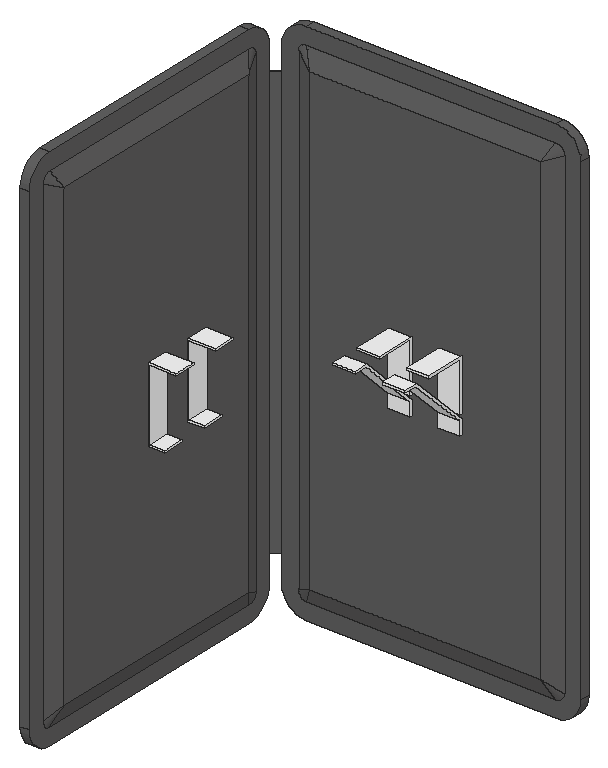
Revit family "Screen-Mounted-Teknion-JNSECF-Felt_Corner_Elevated-R2015", category Furniture, Revit 2015
Parameters (values of type "Worksurface-Mounted")
  Width [instance] = 18.000"
  Warranty = "http://www.teknion.com/ca/papers/legal-canada"
  Unit Weight URL = "http://www.teknion.com/ca/tools/assets#&asset=bee6a381-b954-425e-8283-5a2de3a804f2,f828d448-4b62-4231-9e5f-9a8991c0ed77"
  URL = "www.teknion.com"
  Sustainability Data = "http://www.teknion.com/ca/tools/assets#&topic=216f99a5-57a0-44fc-b10a-9dee9b29ae4c&asset=444deb64-fe58-4b68-981e-f75e97781df7"
  Series = "Expansion Cityline"  # constant formula
  Product Page URL = "http://www.teknion.com/ca/products/product-details?productlineid=9ad2a26e-8e7a-673b-a6c8-ff05004460c4"
  Product Line = "Expansion Cityline"  # constant formula
  Product Documentation Link = "http://www.teknion.com/pricing/expansion-cityline/pdfs/JNSECF_ppg.pdf"
  Part Number = "JNSECF"  # constant formula
  Note [instance] = "Available Widths are 18, 24, and 30 inches. Available Depths are 18, 24, and 30 inches. Available Heights are 42, 51, 57 inches."  # constant formula
  Model = "JNSECFW"  # constant formula
  Manufacturer Phone = "416-661-3370"  # constant formula
  Manufacturer Fax = "416.661.4586"  # constant formula
  Manufacturer Contact Information = "http://www.teknion.com/ca/contactus"
  Manufacturer Address = "1150 Flint Road, Toronto, ON. M3J 2J5. Canada"  # constant formula
  Manufacturer = "Teknion"  # constant formula
  Height [instance] = 42.000"
  Felt Finish [instance] = Fabric-Teknion-RB11-Carbon
  Description = "Felt Corner Elevated Screen"  # constant formula
  Depth [instance] = Width  # 18.000"
  Assembly Code = "E2020200"
Reference planes (in)
  plane 1 "Center Front/Back": y = -9
  plane 2: z = 0
  plane 3 "Center Left/Right": x = -42
  plane 4 "Left": x = -51
  plane 5 "Right": x = -33
  plane 6 "Back": y = 0
  plane 7 "Front": y = -18
  plane 8 "Top": z = 42
  plane 9: y = 0.42717
  plane 10: y = 0.97835
  plane 11: x = -51.97835
  plane 12: x = -51.42717
  plane 13: z = 13
  plane 14: z = 39
  plane 15: x = -39.83071
  plane 16: x = -41.16929
  plane 17: x = -42.83071
  plane 18: x = -44.16929
  plane 19: y = -5.33071
  plane 20: y = -8.33071
  plane 21: y = -9.66929
  plane 22: y = -6.66929
Forms (in)
  Extrusion 1, solid, material "Fabric-Teknion-RB11-Carbon" <- "Felt Finish"
    sketch origin (0, -9, 0) x (1, 0, 0) y (0, 0, 1)
      loop
        line (-34.5, 42) -> (-49.5, 42)
        arc (-49.5, 42) -> (-50.56066, 41.56066) -> (-51, 40.5) r 1.5
        line (-51, 40.5) -> (-51, 11.5)
        arc (-51, 11.5) -> (-50.56066, 10.43934) -> (-49.5, 10) r 1.5
        line (-49.5, 10) -> (-34.5, 10)
        arc (-34.5, 10) -> (-33.43934, 10.43934) -> (-33, 11.5) r 1.5
        line (-33, 11.5) -> (-33, 40.5)
        arc (-33, 40.5) -> (-33.43934, 41.56066) -> (-34.5, 42) r 1.5
    from -9.97835 to -9.42717
  Extrusion 2, solid, material "Fabric-Teknion-RB11-Carbon" <- "Felt Finish"
    sketch origin (-42, 0, 0) x (0, 1, 0) y (0, 0, 1)
      loop
        arc (-16.5, 42) -> (-17.56066, 41.56066) -> (-18, 40.5) r 1.5
        line (-18, 40.5) -> (-18, 11.5)
        arc (-18, 11.5) -> (-17.56066, 10.43934) -> (-16.5, 10) r 1.5
        line (-16.5, 10) -> (-1.5, 10)
        arc (-1.5, 10) -> (-0.43934, 10.43934) -> (0, 11.5) r 1.5
        line (0, 11.5) -> (0, 40.5)
        arc (0, 40.5) -> (-0.43934, 41.56066) -> (-1.5, 42) r 1.5
        line (-1.5, 42) -> (-16.5, 42)
    from -9.97835 to -9.42717
  Blend 3, solid, material "Fabric-Teknion-RB11-Carbon" <- "Felt Finish"
    base sketch origin (0, 0, 0) x (-1, 0, 0) y (0, 0, 1)
      loop
        line (49.49996, 41) -> (34.50004, 41)
        arc (34.50004, 41) -> (34.14646, 40.85354) -> (34, 40.49996) r 0.50004
        line (34, 40.49996) -> (34, 11.50004)
        arc (34, 11.50004) -> (34.14646, 11.14646) -> (34.50004, 11) r 0.50004
        line (34.50004, 11) -> (49.49996, 11)
        arc (49.49996, 11) -> (49.85354, 11.14646) -> (50, 11.50004) r 0.50004
        line (50, 11.50004) -> (50, 40.49996)
        arc (50, 40.49996) -> (49.85354, 40.85354) -> (49.49996, 41) r 0.50004
    top sketch origin (0, 0, 0) x (-1, 0, 0) y (0, 0, 1)
      loop
        line (35.04834, 39.95166) -> (35.04834, 12.04834) -> (48.95166, 12.04834) -> (48.95166, 39.95166) -> (35.04834, 39.95166)
    from 0.97835 to 1.40551
  Blend 4, solid, material "Fabric-Teknion-RB11-Carbon" <- "Felt Finish"
    base sketch origin (0, 1.40551, 0) x (-1, 0, 0) y (0, 0, -1)
      loop
        arc (49.49996, -41) -> (49.85354, -40.85354) -> (50, -40.49996) r 0.50004
        line (50, -40.49996) -> (50, -11.50004)
        arc (50, -11.50004) -> (49.85354, -11.14646) -> (49.49996, -11) r 0.50004
        line (49.49996, -11) -> (34.50004, -11)
        arc (34.50004, -11) -> (34.14646, -11.14646) -> (34, -11.50004) r 0.50004
        line (34, -11.50004) -> (34, -40.49996)
        arc (34, -40.49996) -> (34.14646, -40.85354) -> (34.50004, -41) r 0.50004
        line (34.50004, -41) -> (49.49996, -41)
    top sketch origin (0, 1.40551, 0) x (-1, 0, 0) y (0, 0, -1)
      loop
        line (35.04834, -39.95166) -> (48.95166, -39.95166) -> (48.95166, -12.04834) -> (35.04834, -12.04834) -> (35.04834, -39.95166)
    from 0.97835 to 1.40551
  Blend 5, solid, material "Fabric-Teknion-RB11-Carbon" <- "Felt Finish"
    base sketch origin (-52.40551, -51, 0) x (0, 1, 0) y (0, 0, 1)
      loop
        line (49.49996, 41) -> (34.50004, 41)
        arc (34.50004, 41) -> (34.14646, 40.85354) -> (34, 40.49996) r 0.50004
        line (34, 40.49996) -> (34, 11.50004)
        arc (34, 11.50004) -> (34.14646, 11.14646) -> (34.50004, 11) r 0.50004
        line (34.50004, 11) -> (49.49996, 11)
        arc (49.49996, 11) -> (49.85354, 11.14646) -> (50, 11.50004) r 0.50004
        line (50, 11.50004) -> (50, 40.49996)
        arc (50, 40.49996) -> (49.85354, 40.85354) -> (49.49996, 41) r 0.50004
    top sketch origin (-52.40551, -51, 0) x (0, 1, 0) y (0, 0, 1)
      loop
        line (35.04834, 39.95166) -> (35.04834, 12.04834) -> (48.95166, 12.04834) -> (48.95166, 39.95166) -> (35.04834, 39.95166)
    from 0.97835 to 1.40551
  Blend 6, solid, material "Fabric-Teknion-RB11-Carbon" <- "Felt Finish"
    base sketch origin (-51, -51, 0) x (0, 1, 0) y (0, 0, -1)
      loop
        arc (49.49996, -41) -> (49.85354, -40.85354) -> (50, -40.49996) r 0.50004
        line (50, -40.49996) -> (50, -11.50004)
        arc (50, -11.50004) -> (49.85354, -11.14646) -> (49.49996, -11) r 0.50004
        line (49.49996, -11) -> (34.50004, -11)
        arc (34.50004, -11) -> (34.14646, -11.14646) -> (34, -11.50004) r 0.50004
        line (34, -11.50004) -> (34, -40.49996)
        arc (34, -40.49996) -> (34.14646, -40.85354) -> (34.50004, -41) r 0.50004
        line (34.50004, -41) -> (49.49996, -41)
    top sketch origin (-51, -51, 0) x (0, 1, 0) y (0, 0, -1)
      loop
        line (35.04834, -39.95166) -> (48.95166, -39.95166) -> (48.95166, -12.04834) -> (35.04834, -12.04834) -> (35.04834, -39.95166)
    from 0.97835 to 1.40551
  Extrusion 7, solid, material "Fabric-Teknion-RB11-Carbon" <- "Felt Finish"
    sketch origin (0, 0, 0) x (1, 0, 0) y (0, 1, 0)
      loop
        line (-51, 0.67492) -> (-51, 0.73059) -> (-51.73059, 0) -> (-51.67492, 0) -> (-51, 0.67492)
    from 13 to 39
  Extrusion 8, solid, material "Mica - Teknion - V - Satin - Very White"
    sketch origin (0, -9, 0) x (1, 0, 0) y (0, 0, 1)
      loop
        line (-50.88189, 27.69291) -> (-49.30709, 27.69291) -> (-49.30709, 27.81102) -> (-51, 27.81102) -> (-51, 23.30315) -> (-49.97638, 23.30315) -> (-49.97638, 23.42126) -> (-50.88189, 23.42126) -> (-50.88189, 27.69291)
    from -0.66929 to 0.66929
  Extrusion 9, solid, material "Mica - Teknion - V - Satin - Very White"
    sketch origin (0, -6, 0) x (1, 0, 0) y (0, 0, 1)
      loop
        line (-50.88189, 27.69291) -> (-49.30709, 27.69291) -> (-49.30709, 27.81102) -> (-51, 27.81102) -> (-51, 23.30315) -> (-49.97638, 23.30315) -> (-49.97638, 23.42126) -> (-50.88189, 23.42126) -> (-50.88189, 27.69291)
    from -0.66929 to 0.66929
  Extrusion 10, solid, material "Mica - Teknion - V - Satin - Very White"
    sketch origin (-33, 0, 0) x (0, 1, 0) y (0, 0, -1)
      loop
        line (-3.38189, -27.81102) -> (0, -24.42913) -> (0, -23.56299) -> (-0.11811, -23.56299) -> (-0.11811, -24.38021) -> (-3.43081, -27.69291) -> (-4.24803, -27.69291) -> (-4.24803, -27.81102) -> (-3.38189, -27.81102)
      loop
        line (0, -27.81102) -> (0, -24.70472) -> (-0.11811, -24.70472) -> (-0.11811, -27.69291) -> (-2.44094, -27.69291) -> (-2.44094, -27.81102) -> (0, -27.81102)
    from 6.83071 to 8.16929
  Extrusion 11, solid, material "Mica - Teknion - V - Satin - Very White"
    sketch origin (-36, 0, 0) x (0, 1, 0) y (0, 0, -1)
      loop
        line (-3.38189, -27.81102) -> (0, -24.42913) -> (0, -23.56299) -> (-0.11811, -23.56299) -> (-0.11811, -24.38021) -> (-3.43081, -27.69291) -> (-4.24803, -27.69291) -> (-4.24803, -27.81102) -> (-3.38189, -27.81102)
      loop
        line (0, -27.81102) -> (0, -24.70472) -> (-0.11811, -24.70472) -> (-0.11811, -27.69291) -> (-2.44094, -27.69291) -> (-2.44094, -27.81102) -> (0, -27.81102)
    from 6.83071 to 8.16929
Lines and regions (in)
  Masking region 1
    outline origin (0, 0, 0) x (1, 0, 0) y (0, 1, 0)
      loop
        line (-35.04834, 1.40551) -> (-48.95166, 1.40551) -> (-50, 0.97835) -> (-34, 0.97835) -> (-35.04834, 1.40551)
  Masking region 2
    outline origin (0, 1.40551, 0) x (0, -1, 0) y (1, 0, 0)
      loop
        line (1.40551, -35.04834) -> (0.97835, -34) -> (0.97835, -50) -> (1.40551, -48.95166) -> (1.40551, -35.04834)
  Masking region 3
    outline origin (0, 0, 0) x (1, 0, 0) y (0, 1, 0)
      loop
        line (-33, 0.97835) -> (-51, 0.97835) -> (-51, 0.42717) -> (-33, 0.42717) -> (-33, 0.97835)
  Masking region 4
    outline origin (0, 0, 0) x (1, 0, 0) y (0, 1, 0)
      loop
        line (-51.42717, 0) -> (-51.97835, 0) -> (-51.97835, -18) -> (-51.42717, -18) -> (-51.42717, 0)
  Masking region 5
    outline origin (0, 0, 0) x (1, 0, 0) y (0, 1, 0)
      loop
        line (-51.97835, -1) -> (-52.40551, -2.04834) -> (-52.40551, -15.95166) -> (-51.97835, -17) -> (-51.97835, -1)
  Masking region 6
    outline origin (-103.40551, 0, 0) x (0, 1, 0) y (-1, 0, 0)
      loop
        line (-1, -51.97835) -> (-17, -51.97835) -> (-15.95166, -52.40551) -> (-2.04834, -52.40551) -> (-1, -51.97835)
  Masking region 7, detail levels medium+fine
    outline origin (0, 0, 0) x (1, 0, 0) y (0, 1, 0)
      loop
        line (-49.30709, -5.33071) -> (-51, -5.33071) -> (-51, -6.66929) -> (-49.30709, -6.66929) -> (-49.30709, -5.33071)
      loop
        line (-49.30709, -8.33071) -> (-51, -8.33071) -> (-51, -9.66929) -> (-49.30709, -9.66929) -> (-49.30709, -8.33071)
  Masking region 8, detail levels medium+fine
    outline origin (0, 0, 0) x (1, 0, 0) y (0, 1, 0)
      loop
        line (-44.16929, -4.24803) -> (-42.83071, -4.24803) -> (-42.83071, 0) -> (-44.16929, 0) -> (-44.16929, -4.24803)
      loop
        line (-41.16929, 0) -> (-41.16929, -4.24803) -> (-39.83071, -4.24803) -> (-39.83071, 0) -> (-41.16929, 0)
  Masking region 9
    outline origin (0, 0, 0) x (1, 0, 0) y (0, 1, 0)
      loop
        line (-51, 0.73059) -> (-51.73059, 0) -> (-51.67492, 0) -> (-51, 0.67492) -> (-51, 0.73059)
  symbolic lines, style "FurnitureHiddenLines", detail levels fine
    curve 1: line (-44.16929, -2.44094, 0) -> (-42.83071, -2.44094, 0)
    curve 2: line (-42.83071, -3.38189, 0) -> (-44.16929, -3.38189, 0)
    curve 3: line (-42.83071, -3.43081, 0) -> (-44.16929, -3.43081, 0)
    curve 4: line (-41.16929, -2.44094, 0) -> (-39.83071, -2.44094, 0)
    curve 5: line (-39.83071, -3.38189, 0) -> (-41.16929, -3.38189, 0)
    curve 6: line (-39.83071, -3.43081, 0) -> (-41.16929, -3.43081, 0)
    curve 7: line (-49.97638, -6.66929, 0) -> (-49.97638, -5.33071, 0)
    curve 8: line (-50.88189, -6.66929, 0) -> (-50.88189, -5.33071, 0)
    curve 9: line (-49.97638, -9.66929, 0) -> (-49.97638, -8.33071, 0)
    curve 10: line (-50.88189, -9.66929, 0) -> (-50.88189, -8.33071, 0)
  reference lines, not visible
    curve 11: line (-51.97835, 0.97835, 0) -> (-51.97835, -18, 0)
    curve 12: line (-33, 0.97835, 0) -> (-51.97835, 0.97835, 0)
    curve 13: line (-51, 0, 0) -> (-33, 0, 0)
    curve 14: line (-33, 0.97835, 0) -> (-33, 0, 0)
    curve 15: line (-51, 0, 0) -> (-51, -18, 0)
    curve 16: line (-51.97835, -18, 0) -> (-51, -18, 0)
Dimensions and locks (in)
  "Width": plane 4 "Left" to plane 5 "Right"
  "Depth": plane 6 "Back" to plane 7 "Front"
  "Height": plane 8 "Top" to level
  equal spacing: plane 4 "Left", plane 3 "Center Left/Right", plane 5 "Right"
  equal spacing: plane 6 "Back", plane 1 "Center Front/Back", plane 7 "Front"
  locked: Extrusion 1 sketch curve to plane 4 "Left" at 1.5  (x2)
  locked: Extrusion 1 sketch curve to plane 5 "Right" at 1.5  (x2)
  locked: Extrusion 1 sketch curve to plane 2 at 10
  plane 6 "Back" to plane 9 to plane 10 = 0.42717" locked, 0.55118" locked
  plane 11 to plane 12 to plane 4 "Left" = 0.55118" locked, 0.42717" locked
  locked: plane 6 "Back" to Extrusion 2 sketch curve at 1.5  (x2)
  locked: Extrusion 2 sketch curve to plane 7 "Front" at 1.5  (x2)
  locked: plane 8 "Top" to Extrusion 2 sketch curve at 1.5  (x2)
  locked: Extrusion 2 sketch curve to plane 2 at 10
  locked: Blend 3 sketch curve to plane 8 "Top" at 2.04834
  locked: Blend 3 sketch curve to plane 5 "Right" at 2.04834
  locked: Blend 3 sketch curve to plane 4 "Left" at 2.04834
  locked: plane 2 to Blend 3 sketch curve at 12.04834
  locked: Blend 3 sketch curve to plane 5 "Right" at 1.50004  (x2)
  locked: Blend 3 sketch curve to plane 8 "Top" at 1.50004  (x2)
  locked: Blend 3 sketch curve to plane 4 "Left" at 1.50004  (x2)
  locked: plane 2 to Blend 3 sketch curve at 11.50004  (x2)
  locked: plane 6 "Back" to Blend 5 sketch curve at 1.50004
  locked: Blend 5 sketch curve to plane 7 "Front" at 1.50004
  locked: Blend 5 sketch curve to plane 2 at 11.50004  (x2)
  locked: plane 8 "Top" to Blend 5 sketch curve at 1.50004  (x2)
  locked: plane 8 "Top" to Blend 5 sketch curve at 1
  locked: Blend 5 sketch curve to plane 2 at 11
  locked: plane 6 "Back" to Blend 5 sketch curve at 1
  locked: Blend 5 sketch curve to plane 7 "Front" at 1
  locked: plane 8 "Top" to Blend 5 sketch curve at 2.04834
  locked: Blend 5 sketch curve to plane 7 "Front" at 2.04834
  locked: plane 6 "Back" to Blend 5 sketch curve at 2.04834
  locked: plane 2 to Blend 5 sketch curve at 12.04834
  locked: plane 6 "Back" to Blend 6 sketch curve at 1.50004
  locked: Blend 6 sketch curve to plane 7 "Front" at 1.50004
  Blend 6 sketch curve to plane 2 = 11.50004"
  locked: Blend 6 sketch curve to plane 2 at 11.50004
  locked: Blend 6 sketch curve to plane 2 at 11
  locked: plane 6 "Back" to Blend 6 sketch curve at 1
  locked: Blend 6 sketch curve to plane 7 "Front" at 1
  locked: plane 8 "Top" to Blend 6 sketch curve at 1
  locked: plane 8 "Top" to Blend 6 sketch curve at 1.50004  (x2)
  locked: plane 8 "Top" to Blend 6 sketch curve at 2.04834
  locked: plane 6 "Back" to Blend 6 sketch curve at 2.04834
  locked: Blend 6 sketch curve to plane 7 "Front" at 2.04834
  locked: Blend 6 sketch curve to plane 2 at 12.04834
  locked: Blend 4 sketch curve to plane 5 "Right" at 2.04834
  locked: Blend 4 sketch curve to plane 4 "Left" at 2.04834
  locked: plane 8 "Top" to Blend 4 sketch curve at 2.04834
  locked: Blend 4 sketch curve to plane 2 at 12.04834
  locked: Blend 4 sketch curve to plane 4 "Left" at 1.50004  (x2)
  locked: Blend 4 sketch curve to plane 5 "Right" at 1.50004  (x2)
  locked: plane 8 "Top" to Blend 4 sketch curve at 1
  locked: Blend 4 sketch curve to plane 2 at 11
  locked: Blend 6 to plane 11 at 0.42717
  locked: plane 10 to Blend 3 at 0.42717
  locked: plane 8 "Top" to plane 14 at 3
  locked: plane 13 to plane 2 at 13
  locked: Extrusion 7 sketch curve to plane 11 at 0.86698
  locked: Extrusion 7 sketch curve to Extrusion 7 sketch curve at 0.03937
  plane 4 "Left" to plane 18 to plane 17 = 6.83071" locked, 1.33858" locked
  plane 16 to plane 15 to plane 5 "Right" = 1.33858" locked, 6.83071" locked
  plane 7 "Front" to plane 21 to plane 20 = 8.33071" locked, 1.33858" locked
  Extrusion 8 sketch curve to Extrusion 8 sketch curve to Extrusion 8 sketch curve to plane 4 "Left" = 0.66929" locked, 0.90551" locked, 0.11811" locked
  Extrusion 8 sketch curve to Extrusion 8 sketch curve to Extrusion 8 sketch curve to Extrusion 8 sketch curve to plane 13 = 0.11811" locked, 4.27165" locked, 0.11811" locked, 10.30315" locked
  Extrusion 9 sketch curve to Extrusion 9 sketch curve to Extrusion 9 sketch curve to plane 4 "Left" = 0.66929" locked, 0.90551" locked, 0.11811" locked
  Extrusion 9 sketch curve to Extrusion 9 sketch curve to Extrusion 9 sketch curve to Extrusion 9 sketch curve to plane 13 = 0.11811" locked, 4.27165" locked, 0.11811" locked, 10.30315" locked
  Extrusion 10 sketch curve to Extrusion 10 sketch curve to Extrusion 10 sketch curve to Extrusion 10 sketch curve to Extrusion 10 sketch curve to Extrusion 10 sketch curve to plane 2 = 0.000" locked, 0.11811" locked, 0.000" locked, 2.98819" locked, 1.14173" locked, 23.56299" locked
  Extrusion 10 sketch curve to Extrusion 10 sketch curve to Extrusion 10 sketch curve to Extrusion 10 sketch curve to plane 9 = 1.80709" locked, 2.32283" locked, 0.000" locked, 0.54528" locked
  Extrusion 11 sketch curve to Extrusion 11 sketch curve to Extrusion 11 sketch curve to Extrusion 11 sketch curve to Extrusion 11 sketch curve to Extrusion 11 sketch curve to plane 2 = 0.000" locked, 0.11811" locked, 0.000" locked, 2.98819" locked, 1.14173" locked, 23.56299" locked
  Extrusion 11 sketch curve to Extrusion 11 sketch curve to Extrusion 11 sketch curve to Extrusion 11 sketch curve to plane 9 = 1.80709" locked, 2.32283" locked, 0.000" locked, 0.54528" locked
  locked: plane 12 to Extrusion 7 sketch curve at 0.42717
  locked: Extrusion 7 sketch curve to plane 9 at 0.42717
  plane 12 to Masking region 2 sketch curve to Masking region 2 sketch curve = 1.42717" locked, 1.04834" locked
  Masking region 2 sketch curve to Masking region 2 sketch curve to plane 5 "Right" = 1.04834" locked, 1.000" locked
  plane 7 "Front" to Masking region 5 sketch curve to Masking region 5 sketch curve = 1.000" locked, 1.04834" locked
  plane 6 "Back" to Masking region 5 sketch curve to Masking region 5 sketch curve = 1.000" locked, 1.04834" locked
  plane 7 "Front" to Masking region 6 sketch curve to Masking region 6 sketch curve = 1.000" locked, 1.04834" locked
  plane 6 "Back" to Masking region 6 sketch curve to Masking region 6 sketch curve = 1.000" locked, 1.04834" locked
  locked: plane 8 "Top" to Extrusion 1 sketch curve at 1.5  (x2)
  locked: Extrusion 1 sketch curve to plane 2 at 11.5  (x2)
  plane 22 to plane 19 to plane 6 "Back" = 1.33858" locked, 5.33071" locked
  aligned and locked: level to plane 2
  aligned and locked: Extrusion 1 sketch curve to plane 5 "Right"
  aligned and locked: Extrusion 1 sketch curve to plane 4 "Left"
  aligned and locked: plane 8 "Top" to Extrusion 1
  aligned and locked: Extrusion 1 to plane 10
  aligned and locked: plane 9 to Extrusion 1
  aligned and locked: plane 8 "Top" to Extrusion 2 sketch curve
  aligned and locked: plane 7 "Front" to Extrusion 2 sketch curve
  aligned and locked: plane 6 "Back" to Extrusion 2 sketch curve
  aligned and locked: Extrusion 2 to plane 11
  aligned and locked: plane 12 to Extrusion 2
  aligned and locked: plane 4 "Left" to Blend 5
  aligned and locked: Blend 4 to plane 6 "Back"
  aligned and locked: plane 10 to Blend 3
  aligned and locked: Blend 4 to plane 9
  aligned and locked: Blend 5 to plane 12
  aligned and locked: plane 11 to Blend 6
  aligned and locked: Extrusion 7 to plane 13
  aligned and locked: plane 14 to Extrusion 7
  aligned and locked: Extrusion 9 to plane 19
  aligned and locked: plane 22 to Extrusion 9
  aligned and locked: Extrusion 8 to plane 20
  aligned and locked: plane 21 to Extrusion 8
  aligned and locked: Extrusion 8 sketch curve to plane 4 "Left"
  aligned and locked: plane 15 to Extrusion 10
  aligned and locked: Extrusion 10 to plane 16
  aligned and locked: plane 17 to Extrusion 11
  aligned and locked: Extrusion 11 to plane 18
  aligned and locked: Masking region 1 sketch curve to Blend 3  (x3)
  aligned and locked: Extrusion 1 to Masking region 1 sketch curve
  aligned and locked: Masking region 2 sketch curve to Extrusion 1
  aligned and locked: plane 6 "Back" to Masking region 2 sketch curve
  aligned and locked: Masking region 3 sketch curve to plane 10
  aligned and locked: Masking region 3 sketch curve to plane 9
  aligned and locked: Masking region 3 sketch curve to plane 5 "Right"
  aligned and locked: Masking region 3 sketch curve to plane 4 "Left"
  aligned and locked: Masking region 4 sketch curve to plane 12
  aligned and locked: Masking region 4 sketch curve to plane 11
  aligned and locked: Masking region 4 sketch curve to plane 6 "Back"
  aligned and locked: Masking region 4 sketch curve to plane 7 "Front"
  aligned and locked: Masking region 5 sketch curve to plane 11
  aligned and locked: Masking region 5 sketch curve to Blend 6
  aligned and locked: Masking region 6 sketch curve to plane 12
  aligned and locked: Masking region 6 sketch curve to plane 4 "Left"
  aligned and locked: Masking region 7 sketch curve to Extrusion 9  (x3)
  aligned and locked: Blend 5 to Masking region 7 sketch curve  (x2)
  aligned and locked: Masking region 7 sketch curve to Extrusion 8  (x3)
  aligned and locked: Masking region 8 sketch curve to Extrusion 11  (x3)
  aligned and locked: Masking region 8 sketch curve to plane 6 "Back"  (x2)
  aligned and locked: Masking region 8 sketch curve to Extrusion 10  (x3)
  aligned and locked: Masking region 9 sketch curve to Extrusion 7  (x4)
  aligned and locked: curve 1 to Extrusion 11
  aligned and locked: curve 2 to Extrusion 11
  aligned and locked: curve 3 to Extrusion 11
  aligned and locked: curve 4 to Extrusion 10
  aligned and locked: curve 5 to Extrusion 10
  aligned and locked: curve 6 to Extrusion 10
  aligned and locked: curve 7 to Extrusion 9
  aligned and locked: curve 8 to Extrusion 9
  aligned and locked: curve 9 to Extrusion 8
  aligned and locked: curve 10 to Extrusion 8
  aligned and locked: plane 8 "Top" to Extrusion 1 sketch curve
  aligned and locked: curve 11 to plane 11
  aligned and locked: curve 12 to plane 10
  aligned and locked: curve 13 to plane 6 "Back"
  aligned and locked: curve 14 to plane 5 "Right"
  aligned and locked: curve 15 to plane 4 "Left"
  aligned and locked: curve 16 to plane 7 "Front"
Automatic sketch dimensions
  Blend 3 sketch curve to Blend 3 sketch curve = 0.50004"
  Blend 4 sketch curve to Blend 4 sketch curve = 0.50004"  (x2)
  Extrusion 7 sketch curve to plane 12 = 0.24775"
  Extrusion 9 sketch curve to plane 4 "Left" = 0.000"
  Extrusion 10 sketch curve to plane 6 "Back" = 0.000"  (x2)
  Extrusion 10 sketch curve to Extrusion 10 sketch curve = 0.81722"
  Extrusion 10 sketch curve to Extrusion 10 sketch curve = 0.04892"  (x2)
  Extrusion 10 sketch curve to Extrusion 10 sketch curve = 0.32451"
  Extrusion 11 sketch curve to plane 6 "Back" = 0.000"  (x2)
  Extrusion 11 sketch curve to Extrusion 11 sketch curve = 0.81722"
  Extrusion 11 sketch curve to Extrusion 11 sketch curve = 0.04892"  (x2)
  Extrusion 11 sketch curve to Extrusion 11 sketch curve = 0.32451"
  curve 1 to plane 18 = 0.000"
  curve 1 to plane 17 = 0.000"
  curve 2 to plane 18 = 0.000"
  curve 2 to plane 17 = 0.000"
  curve 3 to plane 18 = 0.000"
  curve 3 to plane 17 = 0.000"
  curve 4 to plane 16 = 0.000"
  curve 4 to plane 15 = 0.000"
  curve 5 to plane 16 = 0.000"
  curve 5 to plane 15 = 0.000"
  curve 6 to plane 16 = 0.000"
  curve 6 to plane 15 = 0.000"
  plane 22 to curve 7 = 0.000"
  plane 19 to curve 7 = 0.000"
  plane 22 to curve 8 = 0.000"
  plane 19 to curve 8 = 0.000"
  plane 21 to curve 9 = 0.000"
  plane 20 to curve 9 = 0.000"
  plane 21 to curve 10 = 0.000"
  plane 20 to curve 10 = 0.000"
